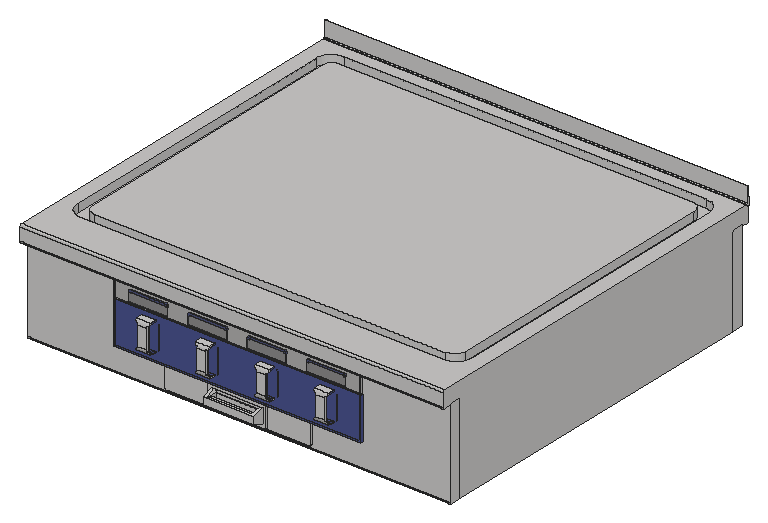
Revit family "QF_ELECTROLUXPROFESSIONAL_589010_MCLDABJOAO", category Specialty Equipment, Revit 2018
Family settings
  Round Connector Dimension = Use Diameter
  Part Type = Normal
  Work Plane-Based = No
  Always vertical = Yes
  Cut with Voids When Loaded = No
  Shared = No
  Room Calculation Point = No
Parameters
  Weight in Pounds = 352.7
  Watts = 16000 VA  # 16000 W
  Volts = 400 V  # constant formula
  URL Cutsheet = ""
  Type Mark [instance] = ""
  Status [instance] = ""
  Specification by User [instance] = ""
  Specification by Manufacturer = ""
  Serial Number = ""
  Seismic Rating = ""
  SMACNA No = ""
  Revision Code [instance] = ""
  Phase = 3  # constant formula
  Omniclass Number and Title = ""
  Number of Poles [instance] = 1
  NAFEM Spec ID Number = ""
  Model = "589010"
  Min Ckt Ampacity = 0 A
  Max Overcurrent Protection = 0 A
  Masterspec = ""
  Manufacturer = "ELECTROLUX"
  Item Number [instance] = ""
  Installed By [instance] = ""
  Identify Quantity as Lot [instance] = yes
  HP = "21.5 HP"
  Furnished By [instance] = ""
  Foodservice Equipment Identifier [instance] = yes
  FL Amps [instance] = if(Phase = 3, Watts / (Volts * 1.73), Watts / Volts)  # 23.1214 A
  Electrical Remarks = "400 V/3N ph/50/60 Hz"  # constant formula
  Electric Connection Type [instance] = ""
  Elec Conn RI Height [instance] = 0 mm
  Elec Conn Connection Height [instance] = 0 mm
  Direct Waste Size = 0"
  Description = "EL.SOLID TOP,4ZNE,ECO,1S,BS,1000X900X250"
  Cycle [instance] = if([60 Hertz Option], 60 Hz, 50 Hz)  # 60 Hz
  Conn Plug = ""
  Conn Conduit = yes
  CSI MasterFormat = ""
  CSI Master Format = ""
  Back Panel [instance] = yes
  Apparent Power [instance] = if(Phase = 3, Volts * FL Amps * 1.73, Volts * FL Amps)  # 16000 VA
  60 Hertz Option [instance] = not([50 Hertz Option])  # yes
  50 Hertz Option [instance] = no
Reference planes
  plane 1 "BACK": y = 0
  plane 2: z = 0
  plane 3 "LEFT": x = 0
  plane 4 "RIGHT": x = 1000
  plane 5 "FRONT": y = -900
  plane 6 "TOP": z = 250
  plane 7: x = 500
  plane 8: y = -450
  plane 9: y = -1330
Forms (mm)
  Extrusion 1, solid, material "QF_Finishes_Stainless Steel"
    sketch origin (0, -487.128, 0) x (0, 1, 0) y (0, 0, 1)
      loop
        line (483.128, 250) -> (-408.872, 250)
        arc (-408.872, 250) -> (-411.7, 248.828) -> (-412.872, 246) r 4
        line (-412.872, 246) -> (-412.872, 214)
        arc (-412.872, 214) -> (-411.443, 210.936) -> (-408.177, 210.061) r 4
        line (-408.177, 210.061) -> (-391.509, 213) -> (-366.872, 213) -> (-366.872, 0) -> (441.128, 0) -> (441.128, 213) -> (465.765, 213) -> (482.433, 210.061)
        arc (482.433, 210.061) -> (485.699, 210.936) -> (487.128, 214) r 4
        line (487.128, 214) -> (487.128, 246)
        arc (487.128, 246) -> (485.956, 248.828) -> (483.128, 250) r 4
    from 0 to 1000
  Extrusion 2, solid, material "QF_Finishes_Stainless Steel", visible <- "Back Panel"
    sketch origin (0, 0, 0) x (0, 1, 0) y (0, 0, 1)
      loop
        line (-46, 0) -> (-20, 0) -> (-20, 215)
        arc (-20, 215) -> (-20.586, 213.586) -> (-22, 213) r 2
        line (-22, 213) -> (-46, 213) -> (-46, 0)
    from 0 to 1000
  Extrusion 3, void
    sketch origin (653.786, 44.048, 250) x (1, 0, 0) y (0, -1, 0)
      loop
        line (274.614, 855.048) -> (-582.186, 855.048)
        arc (-582.186, 855.048) -> (-608.349, 844.211) -> (-619.186, 818.048) r 37
        line (-619.186, 818.048) -> (-619.186, 115.648)
        arc (-619.186, 115.648) -> (-608.349, 89.485) -> (-582.186, 78.648) r 37
        line (-582.186, 78.648) -> (274.614, 78.648)
        arc (274.614, 78.648) -> (300.777, 89.485) -> (311.614, 115.648) r 37
        line (311.614, 115.648) -> (311.614, 818.048)
        arc (311.614, 818.048) -> (300.777, 844.211) -> (274.614, 855.048) r 37
    from 0 to 19.1
  Extrusion 4, solid, material "QF_Finishes_Stainless Steel"
    sketch origin (0, -854, 0) x (1, 0, 0) y (0, -1, 0)
      loop
        circle (955, -169) r 6.35
    from 0 to 3.2
  Extrusion 5, solid, material "QF_Finishes_Stainless Steel"
    sketch origin (653.786, 44.048, 230.9) x (1, 0, 0) y (0, 1, 0)
      loop
        line (260.814, -104.048) -> (-568.386, -104.048)
        arc (-568.386, -104.048) -> (-586.347, -111.488) -> (-593.786, -129.448) r 25.4
        line (-593.786, -129.448) -> (-593.786, -804.248)
        arc (-593.786, -804.248) -> (-586.347, -822.209) -> (-568.386, -829.648) r 25.4
        line (-568.386, -829.648) -> (260.814, -829.648)
        arc (260.814, -829.648) -> (278.774, -822.209) -> (286.214, -804.248) r 25.4
        line (286.214, -804.248) -> (286.214, -129.448)
        arc (286.214, -129.448) -> (278.774, -111.488) -> (260.814, -104.048) r 25.4
    from 0 to 19.1
  Extrusion 6, solid, material "QF_Door-Drawer Clearances", detail levels coarse
    sketch origin (537.31, -881.593, 8.62) x (0, 0, 1) y (-1, 0, 0)
      loop
        line (1.973, -134.295) -> (49.317, -134.295)
        arc (49.317, -134.295) -> (50.776, -133.691) -> (51.38, -132.232) r 2.063
        line (51.38, -132.232) -> (51.38, 206.852)
        arc (51.38, 206.852) -> (50.88, 208.549) -> (49.541, 209.705) r 3.133
        line (49.541, 209.705) -> (3.067, 209.705)
        arc (3.067, 209.705) -> (0.898, 208.807) -> (0, 206.638) r 3.067
        line (0, 206.638) -> (0, -132.322)
        arc (0, -132.322) -> (0.578, -133.717) -> (1.973, -134.295) r 1.973
    from 0 to 448.407
  Extrusion 7, solid, material "QF_Finishes_Stainless Steel"
    sketch origin (0, -950.048, 294.179) x (0, -1, 0) y (0, 0, -1)
      loop
        arc (-948.097, 42.179) -> (-947.511, 43.594) -> (-946.097, 44.179) r 2
        arc (-946.097, 44.179) -> (-948.877, 45.357) -> (-950.048, 48.185) r 4
        line (-950.048, 48.185) -> (-950.048, 6.179) -> (-948.097, 6.179) -> (-948.097, 42.179)
    from 0 to 1000
Cuts and joins
  Extrusion 3 cuts Extrusion 1
Lines and regions (mm)
  symbolic lines
    curve 1: line (0, 0, 0) -> (1000, 0, 0)
    curve 2: line (0, -900, 0) -> (0, 0, 0)
    curve 3: line (1000, -900, 0) -> (0, -900, 0)
    curve 4: line (1000, 0, 0) -> (1000, -900, 0)
    curve 5: line (273.641, -902.326, 0) -> (273.641, -900, 0)
    curve 6: spline (279.31, -903.73, 0) -> (278.831, -903.657, 0) -> (278.353, -903.575, 0) -> (277.876, -903.486, 0) -> (277.4, -903.389, 0) -> (276.925, -903.283, 0) -> (276.452, -903.17, 0) -> (275.98, -903.049, 0) -> (275.509, -902.92, 0) -> (275.039, -902.783, 0) -> (274.572, -902.638, 0) -> (274.105, -902.486, 0) -> (273.641, -902.326, 0)
    curve 7: line (305.857, -902.326, 0) -> (305.857, -900, 0)
    curve 8: spline (305.857, -902.326, 0) -> (305.392, -902.486, 0) -> (304.926, -902.638, 0) -> (304.458, -902.783, 0) -> (303.989, -902.92, 0) -> (303.518, -903.049, 0) -> (303.046, -903.17, 0) -> (302.572, -903.283, 0) -> (302.098, -903.389, 0) -> (301.622, -903.486, 0) -> (301.145, -903.575, 0) -> (300.667, -903.657, 0) -> (300.188, -903.73, 0)
    curve 9: line (279.31, -903.73, 0) -> (300.188, -903.73, 0)
    curve 10: line (413.892, -902.326, 0) -> (413.892, -900, 0)
    curve 11: spline (419.561, -903.73, 0) -> (419.082, -903.657, 0) -> (418.604, -903.575, 0) -> (418.127, -903.486, 0) -> (417.651, -903.389, 0) -> (417.177, -903.283, 0) -> (416.703, -903.17, 0) -> (416.231, -903.049, 0) -> (415.76, -902.92, 0) -> (415.29, -902.783, 0) -> (414.823, -902.638, 0) -> (414.357, -902.486, 0) -> (413.892, -902.326, 0)
    curve 12: line (446.108, -902.326, 0) -> (446.108, -900, 0)
    curve 13: spline (446.108, -902.326, 0) -> (445.643, -902.486, 0) -> (445.177, -902.638, 0) -> (444.71, -902.783, 0) -> (444.24, -902.92, 0) -> (443.769, -903.049, 0) -> (443.297, -903.17, 0) -> (442.823, -903.283, 0) -> (442.349, -903.389, 0) -> (441.873, -903.486, 0) -> (441.396, -903.575, 0) -> (440.918, -903.657, 0) -> (440.439, -903.73, 0)
    curve 14: line (419.561, -903.73, 0) -> (440.439, -903.73, 0)
    curve 15: line (726.359, -902.326, 0) -> (726.359, -900, 0)
    curve 16: spline (720.69, -903.73, 0) -> (721.169, -903.657, 0) -> (721.647, -903.575, 0) -> (722.124, -903.486, 0) -> (722.6, -903.389, 0) -> (723.075, -903.283, 0) -> (723.548, -903.17, 0) -> (724.02, -903.049, 0) -> (724.491, -902.92, 0) -> (724.961, -902.783, 0) -> (725.428, -902.638, 0) -> (725.895, -902.486, 0) -> (726.359, -902.326, 0)
    curve 17: line (694.143, -902.326, 0) -> (694.143, -900, 0)
    curve 18: spline (694.143, -902.326, 0) -> (694.608, -902.486, 0) -> (695.074, -902.638, 0) -> (695.542, -902.783, 0) -> (696.011, -902.92, 0) -> (696.482, -903.049, 0) -> (696.954, -903.17, 0) -> (697.428, -903.283, 0) -> (697.902, -903.389, 0) -> (698.378, -903.486, 0) -> (698.855, -903.575, 0) -> (699.333, -903.657, 0) -> (699.812, -903.73, 0)
    curve 19: line (720.69, -903.73, 0) -> (699.812, -903.73, 0)
    curve 20: line (586.108, -902.326, 0) -> (586.108, -900, 0)
    curve 21: spline (580.439, -903.73, 0) -> (580.918, -903.657, 0) -> (581.396, -903.575, 0) -> (581.873, -903.486, 0) -> (582.349, -903.389, 0) -> (582.823, -903.283, 0) -> (583.297, -903.17, 0) -> (583.769, -903.049, 0) -> (584.24, -902.92, 0) -> (584.71, -902.783, 0) -> (585.177, -902.638, 0) -> (585.643, -902.486, 0) -> (586.108, -902.326, 0)
    curve 22: line (553.892, -902.326, 0) -> (553.892, -900, 0)
    curve 23: spline (553.892, -902.326, 0) -> (554.357, -902.486, 0) -> (554.823, -902.638, 0) -> (555.29, -902.783, 0) -> (555.76, -902.92, 0) -> (556.231, -903.049, 0) -> (556.703, -903.17, 0) -> (557.177, -903.283, 0) -> (557.651, -903.389, 0) -> (558.127, -903.486, 0) -> (558.604, -903.575, 0) -> (559.082, -903.657, 0) -> (559.561, -903.73, 0)
    curve 24: line (580.439, -903.73, 0) -> (559.561, -903.73, 0)
    curve 36: line (914.6, -60, 0) -> (85.4, -60, 0)
    curve 37: arc (85.4, -60, 0) -> (67.439, -67.439, 0) -> (60, -85.4, 0) r 25.4
    curve 38: line (60, -85.4, 0) -> (60, -760.2, 0)
    curve 39: arc (60, -760.2, 0) -> (67.439, -778.161, 0) -> (85.4, -785.6, 0) r 25.4
    curve 40: line (85.4, -785.6, 0) -> (914.6, -785.6, 0)
    curve 41: arc (914.6, -785.6, 0) -> (932.561, -778.161, 0) -> (940, -760.2, 0) r 25.4
    curve 42: line (940, -760.2, 0) -> (940, -85.4, 0)
    curve 43: arc (940, -85.4, 0) -> (932.561, -67.439, 0) -> (914.6, -60, 0) r 25.4
    curve 44: line (0, -1.951, 0) -> (1000, -1.951, 0)
    curve 45: line (446.108, -900, 0) -> (447.685, -908.767, 0)
    curve 46: line (447.685, -908.767, 0) -> (550.042, -908.767, 0)
    curve 47: line (550.042, -908.767, 0) -> (551.62, -900, 0)
  symbolic lines, style "QF_Door-Drawer Clearances"
    curve 25: line (327.605, -1330, 0) -> (327.605, -900, 0)
    curve 26: line (327.605, -1330, 0) -> (671.605, -1330, 0)
    curve 27: line (671.605, -1330, 0) -> (671.605, -900, 0)
  symbolic lines, style "SpecialityEquipment"
    curve 28: line (71.6, -34.6, 0) -> (928.4, -34.6, 0)
    curve 29: arc (928.4, -34.6, 0) -> (954.563, -45.437, 0) -> (965.4, -71.6, 0) r 37
    curve 30: line (965.4, -71.6, 0) -> (965.4, -772.524, 0)
    curve 31: arc (965.4, -772.524, 0) -> (954.131, -799.731, 0) -> (926.924, -811, 0) r 38.476
    curve 32: line (926.924, -811, 0) -> (71.6, -811, 0)
    curve 33: arc (71.6, -811, 0) -> (45.437, -800.163, 0) -> (34.6, -774, 0) r 37
    curve 34: line (34.6, -774, 0) -> (34.6, -71.6, 0)
    curve 35: arc (34.6, -71.6, 0) -> (45.437, -45.437, 0) -> (71.6, -34.6, 0) r 37
Dimensions and locks
  plane 3 "LEFT" to plane 4 "RIGHT" = 1000 mm
  plane 5 "FRONT" to plane 1 "BACK" = 900 mm
  equal spacing: plane 3 "LEFT", plane 7, plane 4 "RIGHT"
  equal spacing: plane 5 "FRONT", plane 8, plane 1 "BACK"
  plane 6 "TOP" to level = 250 mm  (x2)
  plane 1 "BACK" to plane 5 "FRONT" = 900 mm
  Extrusion 4 sketch curve to plane 1 "BACK" = 685 mm
  Extrusion 4 sketch curve to plane 4 "RIGHT" = 45 mm
  plane 5 "FRONT" to plane 9 = 430 mm
  aligned and locked: level to plane 2
  aligned and locked: cut or joined group of Extrusion 1, Extrusion 3 to plane 4 "RIGHT"
  aligned and locked: Extrusion 2 to plane 4 "RIGHT"
  aligned and locked: plane 7 to nested 1
  aligned and locked: Extrusion 7 to plane 4 "RIGHT"
Automatic sketch dimensions
  Extrusion 2 sketch curve to Extrusion 2 sketch curve = 26 mm
  plane 1 "BACK" to Extrusion 2 sketch curve = 22 mm
  Extrusion 2 sketch curve to Extrusion 2 sketch curve = 2 mm
  level to Extrusion 2 sketch curve = 213 mm
  Extrusion 1 sketch curve to plane 5 "FRONT" = 0 mm
  Extrusion 1 sketch curve to plane 6 "TOP" = 0 mm
  Extrusion 1 sketch curve to level = 0 mm
  Extrusion 1 sketch curve to plane 1 "BACK" = 0 mm
  Extrusion 1 sketch curve to plane 6 "TOP" = 37 mm  (x2)
  Extrusion 1 sketch curve to plane 5 "FRONT" = 4 mm
  Extrusion 1 sketch curve to plane 5 "FRONT" = 21.363 mm
  Extrusion 1 sketch curve to plane 5 "FRONT" = 46 mm
  plane 1 "BACK" to Extrusion 1 sketch curve = 21.363 mm
  plane 1 "BACK" to Extrusion 1 sketch curve = 4 mm  (x2)
  Extrusion 1 sketch curve to Extrusion 1 sketch curve = 4 mm
  Extrusion 1 sketch curve to Extrusion 1 sketch curve = 0.695 mm
  Extrusion 1 sketch curve to Extrusion 1 sketch curve = 0 mm  (x4)
  plane 1 "BACK" to Extrusion 1 sketch curve = 4.695 mm
  Extrusion 1 sketch curve to Extrusion 1 sketch curve = 1 mm  (x2)
  plane 1 "BACK" to Extrusion 1 sketch curve = 46 mm
  plane 5 "FRONT" to curve 25 = 0 mm
  plane 5 "FRONT" to curve 27 = 0 mm
  plane 3 "LEFT" to curve 25 = 327.605 mm
  plane 7 to curve 27 = 171.605 mm
  curve 25 to curve 25 = 430 mm
  level to Extrusion 6 sketch curve = 8.62 mm
  level to Extrusion 6 sketch curve = 57.937 mm
  plane 7 to Extrusion 6 sketch curve = 171.605 mm
  Extrusion 6 sketch curve to Extrusion 6 sketch curve = 1.973 mm
  Extrusion 6 sketch curve to Extrusion 6 sketch curve = 3.067 mm
  Extrusion 6 sketch curve to Extrusion 6 sketch curve = 46.474 mm
  Extrusion 6 sketch curve to Extrusion 6 sketch curve = 2.063 mm
  Extrusion 6 sketch curve to Extrusion 6 sketch curve = 3.133 mm
  plane 3 "LEFT" to Extrusion 6 sketch curve = 330.672 mm
  plane 3 "LEFT" to curve 34 = 34.6 mm
  curve 34 to curve 38 = 25.4 mm
  curve 37 to curve 35 = 11.6 mm
  curve 39 to curve 33 = 11.6 mm
  curve 33 to curve 39 = 13.8 mm
  curve 35 to curve 37 = 13.8 mm
  plane 7 to curve 36 = 414.6 mm
  plane 7 to curve 41 = 414.6 mm
  curve 40 to curve 32 = 12.324 mm
  curve 36 to curve 29 = 13.8 mm
  curve 29 to curve 43 = 11.6 mm  (x2)
  curve 33 to plane 5 "FRONT" = 89 mm
  curve 40 to curve 31 = 13.076 mm
  plane 1 "BACK" to curve 43 = 85.4 mm
  curve 38 to curve 34 = 13.8 mm
  Extrusion 1 to Extrusion 3 sketch curve = 34.6 mm  (x2)
  Extrusion 1 to Extrusion 3 sketch curve = 85 mm
  Extrusion 3 sketch curve to Extrusion 3 sketch curve = 37 mm  (x4)
  Extrusion 1 to Extrusion 3 sketch curve = 30.6 mm
  Extrusion 5 sketch curve to Extrusion 3 = 25.4 mm  (x4)
  Extrusion 5 sketch curve to Extrusion 5 sketch curve = 25.4 mm  (x4)
  Extrusion 7 sketch curve to plane 1 "BACK" = 0 mm  (x2)
  Extrusion 7 sketch curve to plane 6 "TOP" = 2 mm
  Extrusion 7 sketch curve to plane 6 "TOP" = 0 mm
  Extrusion 7 sketch curve to Extrusion 7 sketch curve = 1.951 mm
  plane 6 "TOP" to Extrusion 7 sketch curve = 0.006 mm
  Extrusion 7 sketch curve to Extrusion 7 sketch curve = 0.049 mm
  Extrusion 7 sketch curve to Extrusion 7 sketch curve = 36 mm
  Extrusion 7 sketch curve to Extrusion 7 sketch curve = 0 mm
  plane 1 "BACK" to curve 1 = 0 mm
  curve 1 to plane 4 "RIGHT" = 0 mm
  plane 5 "FRONT" to curve 12 = 0 mm
  curve 3 to plane 3 "LEFT" = 0 mm
  plane 5 "FRONT" to curve 20 = 2.326 mm
  plane 5 "FRONT" to curve 15 = 2.326 mm
  plane 7 to curve 15 = 226.359 mm
  plane 5 "FRONT" to curve 19 = 3.73 mm
  curve 15 to curve 19 = 5.669 mm
  curve 16 to curve 19 = 20.878 mm
  plane 5 "FRONT" to curve 17 = 2.326 mm
  curve 18 to curve 17 = 5.669 mm
  plane 7 to curve 20 = 86.108 mm
  plane 5 "FRONT" to curve 24 = 3.73 mm
  curve 20 to curve 24 = 5.669 mm
  curve 21 to curve 24 = 20.878 mm
  plane 5 "FRONT" to curve 22 = 2.326 mm
  curve 24 to curve 22 = 5.669 mm
  curve 45 to plane 7 = 52.315 mm
  curve 45 to curve 12 = 1.578 mm
  curve 12 to curve 14 = 5.669 mm
  plane 5 "FRONT" to curve 14 = 3.73 mm
  curve 14 to curve 14 = 20.878 mm
  plane 5 "FRONT" to curve 10 = 2.326 mm
  curve 11 to curve 10 = 5.669 mm
  plane 5 "FRONT" to curve 7 = 2.326 mm
  curve 10 to curve 7 = 108.035 mm
  plane 5 "FRONT" to curve 9 = 3.73 mm
  curve 7 to curve 9 = 5.669 mm
  curve 8 to curve 9 = 20.878 mm
  plane 5 "FRONT" to curve 5 = 2.326 mm
  curve 6 to curve 5 = 5.669 mm
  curve 15 to curve 16 = 9.839 mm
  plane 5 "FRONT" to curve 18 = 4.032 mm
  curve 18 to curve 19 = 4.17 mm
  plane 5 "FRONT" to curve 21 = 4.032 mm
  curve 21 to curve 21 = 4.17 mm
  plane 5 "FRONT" to curve 23 = 4.032 mm
  curve 23 to curve 23 = 4.17 mm
  curve 22 to curve 47 = 2.272 mm
  curve 23 to curve 46 = 3.85 mm
  plane 5 "FRONT" to curve 47 = 8.767 mm
  curve 12 to curve 13 = 9.839 mm
  curve 13 to curve 11 = 12.538 mm
  curve 7 to curve 8 = 9.839 mm
  curve 8 to curve 6 = 12.538 mm
  curve 12 to curve 12 = 2.326 mm
  plane 1 "BACK" to curve 44 = 1.951 mm
  curve 8 to plane 5 "FRONT" = 39.101 mm
  curve 6 to curve 8 = 0 mm
  curve 11 to plane 5 "FRONT" = 39.101 mm
  curve 11 to curve 13 = 0 mm
  curve 18 to curve 16 = 0 mm
  Extrusion 2 sketch curve to level = 0 mm
  radius of Extrusion 4 sketch curve = 6.35 mm
Nested families
  nested 1: "EST_900_1000 Front Panel fOUR cONTROLS" at (-100, -854, -650), type "EST_900_1000 Front Panel fOUR cONTROLS"
Connectors
  electrical at (955, -685, -3.2), driven by "Volts", driven by "Watts"
    settings: on Extrusion 4, index 1, voltage 400 V, apparent load 16000 VA, apparent load phase1 0 VA, apparent load phase2 0 VA, apparent load phase3 0 VA, power factor 1, load classification "Other", number of poles 1, system type 30, power factor state 1, is connector primary yes, connector utility no, sub classification motor no, connector description "ELECTRICAL CONNECTION"
Definition of nested family "EST_900_1000 Front Panel fOUR cONTROLS"
  Parameters
    Keynote = ""
  Reference planes
    plane 1 "Center (Front/Back)": y = 0
    plane 2: z = 0
    plane 3 "Center (Left/Right)": x = 100
    plane 4: x = 600
    plane 5: x = 389.749
    plane 6: x = 530
    plane 7: x = 670.079
    plane 8: x = 809.948
  Forms (mm)
    Extrusion 1, void
      sketch origin (1213.217, 829.203, -1.25) x (1, 0, 0) y (0, 0, 1)
        loop
          line (-321.217, 853.25) -> (-905.217, 853.25) -> (-905.217, 711.25) -> (-321.217, 711.25) -> (-321.217, 853.25)
      from 843.409 to 854.203
    Extrusion 2, solid
      sketch origin (1133.217, 829.203, -1.25) x (0, 1, 0) y (0, 0, 1)
        loop
          arc (-854.203, 654.25) -> (-853.324, 652.129) -> (-851.203, 651.25) r 3
          line (-851.203, 651.25) -> (-829.203, 651.25) -> (-829.203, 864.25) -> (-854.203, 864.25) -> (-854.203, 654.25)
      from -1033.217 to -33.217
  Dimensions and locks
    aligned and locked: plane 4 to nested 6
  Nested families
    nested 1: "1200 Glass Panel with Four Reads" at (308, -30, 5.811), type "1200 Glass Panel with Four Reads"
    nested 2: "Sml  Range Control Handle" at (389.749, -26.645, -204.867), type "Sml  Range Control Handle"
    nested 3: "Sml  Range Control Handle" at (529.638, -26.645, -204.867), type "Sml  Range Control Handle"
    nested 4: "Sml  Range Control Handle" at (670.079, -26.645, -204.867), type "Sml  Range Control Handle"
    nested 5: "Sml  Range Control Handle" at (810.079, -26.645, -204.867), type "Sml  Range Control Handle"
    nested 6: "grease trap door1" at (667.599, -25, 0.608) x (-1, 0, 0) z (0, 0, 1), type "grease trap door"
  Definition of nested family "1200 Glass Panel with Four Reads"
    Reference planes
      plane 1 "Center (Front/Back)": y = 0
      plane 2: z = 0
      plane 3 "Center (Left/Right)": x = 0
      plane 4: x = 584
      plane 5: x = 581.091
      plane 6 "Top": z = 846.189
      plane 7 "Center": x = 292
    Forms (mm)
      Extrusion 1, solid
        sketch origin (550.286, 304.8, -4.308) x (1, 0, 0) y (0, 0, 1)
          loop
            line (-550.286, 806.791) -> (-550.286, 708.497) -> (33.714, 708.497) -> (33.714, 806.791) -> (-550.286, 806.791)
        from 300.031 to 304.8
      Extrusion 2, solid
        sketch origin (550.286, 304.8, -4.308) x (1, 0, 0) y (0, 0, 1)
          loop
            line (-550.286, 850.497) -> (-550.286, 806.791) -> (33.714, 806.791) -> (33.714, 850.497) -> (-550.286, 850.497)
        from 300.031 to 304.8
      Extrusion 3, void
        sketch origin (550.286, 304.8, -4.308) x (1, 0, 0) y (0, 0, 1)
          loop
            line (-547.628, 847.565) -> (-547.628, 710.699) -> (30.804, 710.699) -> (30.804, 847.565) -> (-547.628, 847.565)
        from 303.697 to 304.8
      Extrusion 4, solid, not visible
        sketch origin (550.286, 305.901, -4.308) x (1, 0, 0) y (0, 0, 1)
          loop
            line (-153.041, 812.62) -> (-153.041, 834.177) -> (-157.775, 834.177) -> (-159.574, 835.977) -> (-238.324, 835.977) -> (-240.124, 834.177) -> (-245.041, 834.177) -> (-245.041, 812.62) -> (-153.041, 812.62)
        from 304.798 to 306.745
      Extrusion 5, solid, not visible
        sketch origin (550.286, 305.901, -4.308) x (1, 0, 0) y (0, 0, 1)
          loop
            line (-240.027, 834.177) -> (-238.227, 835.977) -> (-159.594, 835.977) -> (-157.794, 834.177) -> (-153.083, 834.177)
            arc (-153.083, 834.177) -> (-154.26, 838.752) -> (-158.535, 840.763) r 5.549
            line (-158.535, 840.763) -> (-239.444, 840.763)
            arc (-239.444, 840.763) -> (-243.699, 838.747) -> (-244.835, 834.177) r 5.5
            line (-244.835, 834.177) -> (-240.027, 834.177)
        from 304.798 to 306.745
      Extrusion 6, solid
        sketch origin (700.989, 305.901, -4.308) x (1, 0, 0) y (0, 0, 1)
          loop
            line (-153.041, 812.62) -> (-153.041, 834.177) -> (-157.775, 834.177) -> (-159.574, 835.977) -> (-238.324, 835.977) -> (-240.124, 834.177) -> (-245.041, 834.177) -> (-245.041, 812.62) -> (-153.041, 812.62)
        from 304.798 to 306.745
      Extrusion 7, solid
        sketch origin (700.989, 305.901, -4.308) x (1, 0, 0) y (0, 0, 1)
          loop
            line (-240.027, 834.177) -> (-238.227, 835.977) -> (-159.594, 835.977) -> (-157.794, 834.177) -> (-153.083, 834.177)
            arc (-153.083, 834.177) -> (-154.26, 838.752) -> (-158.535, 840.763) r 5.549
            line (-158.535, 840.763) -> (-239.444, 840.763)
            arc (-239.444, 840.763) -> (-243.699, 838.747) -> (-244.835, 834.177) r 5.5
            line (-244.835, 834.177) -> (-240.027, 834.177)
        from 304.798 to 306.745
      Extrusion 8, solid
        sketch origin (560.989, 305.901, -4.308) x (1, 0, 0) y (0, 0, 1)
          loop
            line (-153.041, 812.62) -> (-153.041, 834.177) -> (-157.775, 834.177) -> (-159.574, 835.977) -> (-238.324, 835.977) -> (-240.124, 834.177) -> (-245.041, 834.177) -> (-245.041, 812.62) -> (-153.041, 812.62)
        from 304.798 to 306.745
      Extrusion 9, solid
        sketch origin (560.989, 305.901, -4.308) x (1, 0, 0) y (0, 0, 1)
          loop
            line (-240.027, 834.177) -> (-238.227, 835.977) -> (-159.594, 835.977) -> (-157.794, 834.177) -> (-153.083, 834.177)
            arc (-153.083, 834.177) -> (-154.26, 838.752) -> (-158.535, 840.763) r 5.549
            line (-158.535, 840.763) -> (-239.444, 840.763)
            arc (-239.444, 840.763) -> (-243.699, 838.747) -> (-244.835, 834.177) r 5.5
            line (-244.835, 834.177) -> (-240.027, 834.177)
        from 304.798 to 306.745
      Extrusion 10, solid
        sketch origin (700.989, 305.901, -4.308) x (1, 0, 0) y (0, 0, 1)
          loop
            line (-665.188, 812.62) -> (-573.188, 812.62) -> (-573.188, 834.177) -> (-578.105, 834.177) -> (-579.905, 835.977) -> (-658.655, 835.977) -> (-660.455, 834.177) -> (-665.188, 834.177) -> (-665.188, 812.62)
        from 304.798 to 306.745
      Extrusion 11, solid
        sketch origin (700.989, 305.901, -4.308) x (1, 0, 0) y (0, 0, 1)
          loop
            line (-578.203, 834.177) -> (-573.394, 834.177)
            arc (-573.394, 834.177) -> (-574.53, 838.747) -> (-578.786, 840.763) r 5.5
            line (-578.786, 840.763) -> (-659.695, 840.763)
            arc (-659.695, 840.763) -> (-663.97, 838.752) -> (-665.146, 834.177) r 5.549
            line (-665.146, 834.177) -> (-660.435, 834.177) -> (-658.636, 835.977) -> (-580.003, 835.977) -> (-578.203, 834.177)
        from 304.798 to 306.745
      Extrusion 12, solid
        sketch origin (560.989, 305.901, -4.308) x (1, 0, 0) y (0, 0, 1)
          loop
            line (-385.188, 812.62) -> (-293.188, 812.62) -> (-293.188, 834.177) -> (-298.105, 834.177) -> (-299.905, 835.977) -> (-378.655, 835.977) -> (-380.455, 834.177) -> (-385.188, 834.177) -> (-385.188, 812.62)
        from 304.798 to 306.745
      Extrusion 13, solid
        sketch origin (560.989, 305.901, -4.308) x (1, 0, 0) y (0, 0, 1)
          loop
            line (-298.203, 834.177) -> (-293.394, 834.177)
            arc (-293.394, 834.177) -> (-294.53, 838.747) -> (-298.786, 840.763) r 5.5
            line (-298.786, 840.763) -> (-379.695, 840.763)
            arc (-379.695, 840.763) -> (-383.97, 838.752) -> (-385.146, 834.177) r 5.549
            line (-385.146, 834.177) -> (-380.435, 834.177) -> (-378.636, 835.977) -> (-300.003, 835.977) -> (-298.203, 834.177)
        from 304.798 to 306.745
    Cuts and joins
      Extrusion 3 cuts Extrusion 1
      Extrusion 3 cuts Extrusion 2
    Lines and regions (mm)
      symbolic lines
        curve 1: line (0, 4.769, 0) -> (584, 4.769, 0)
    Dimensions and locks
      aligned and locked: Extrusion 1 to Extrusion 2
      aligned and locked: Extrusion 6 to Extrusion 7
      aligned and locked: Extrusion 8 to Extrusion 9
      aligned and locked: Extrusion 10 to Extrusion 11
      aligned and locked: Extrusion 12 to Extrusion 13
  Definition of nested family "Sml  Range Control Handle"
    Reference planes
      plane 1 "Center (Front/Back)": y = 0
      plane 2: z = 0
      plane 3 "Center (Left/Right)": x = 0
      plane 4: z = 971.092
    Forms (mm)
      Extrusion 1, solid
        sketch origin (-746.28, 380.497, 208.931) x (-1, 0, 0) y (0, 0, 1)
          loop
            line (-770.101, 786.798) -> (-770.101, 731.649)
            arc (-770.101, 731.649) -> (-769.759, 730.563) -> (-768.855, 729.87) r 1.893
            line (-768.855, 729.87) -> (-763.474, 727.911) -> (-729.81, 727.911) -> (-724.428, 729.87)
            arc (-724.428, 729.87) -> (-723.525, 730.563) -> (-723.183, 731.649) r 1.893
            line (-723.183, 731.649) -> (-723.183, 786.798)
            arc (-723.183, 786.798) -> (-723.529, 787.894) -> (-724.44, 788.593) r 1.91
            line (-724.44, 788.593) -> (-729.683, 790.819) -> (-763.601, 790.819) -> (-768.844, 788.593)
            arc (-768.844, 788.593) -> (-769.755, 787.894) -> (-770.101, 786.798) r 1.91
        from -382.35 to -378.852
      Sweep 2, solid
        path origin (-746.788, 380.496, 208.091) x (0, -1, 0) y (0, 0, 1)
          loop
            line (379.775, 793.281) -> (395.661, 791.048)
            arc (395.661, 791.048) -> (397.781, 787.377) -> (398.517, 783.202) r 12.207
            line (398.517, 783.202) -> (398.517, 737.368)
            arc (398.517, 737.368) -> (397.781, 733.193) -> (395.661, 729.522) r 12.207
            line (395.661, 729.522) -> (379.775, 727.289)
        profile origin (-746.788, -7.222, 1000.256) x (0, -0.139173, 0.990268) y (-1, 0, 0)
          loop
            line (0.782, -763.123) -> (0.782, -730.907) -> (-1.322, -730.907) -> (-1.322, -763.123) -> (0.782, -763.123)
      Sweep 3, solid
        path origin (-746.788, 380.715, 207.832) x (0, -1, 0) y (0, 0, 1)
          loop
            line (380.478, 795.442) -> (397.218, 793.09)
            arc (397.218, 793.09) -> (399.929, 788.473) -> (400.871, 783.202) r 15.207
            line (400.871, 783.202) -> (400.871, 737.584)
            arc (400.871, 737.584) -> (399.914, 732.274) -> (397.164, 727.633) r 15.207
            line (397.164, 727.633) -> (380.601, 725.305)
        profile origin (-746.788, -8.132, 1002.099) x (0, -0.139173, 0.990268) y (-1, 0, 0)
          loop
            line (0.782, -763.123) -> (0.782, -730.907) -> (-1.322, -730.907) -> (-1.322, -763.123) -> (0.782, -763.123)
      Extrusion 4, void
        sketch origin (889.253, 220.666, 207.993) x (1, 0, 0) y (0, 0, 1)
          loop
            line (-943.038, 816.854) -> (-943.038, 703.686) -> (-899.466, 734.196) -> (-899.466, 786.344) -> (-943.038, 816.854)
        from 230.636 to 242.25
      Extrusion 5, void
        sketch origin (-888.8, 220.666, 207.993) x (-1, 0, 0) y (0, 0, -1)
          loop
            line (-943.038, -816.854) -> (-899.466, -786.344) -> (-899.466, -734.196) -> (-943.038, -703.686) -> (-943.038, -816.854)
        from 230.636 to 242.25
      Extrusion 6, solid
        sketch origin (0, 0, 0) x (1, 0, 0) y (0, 0, 1)
          loop
            circle (0, 971.092) r 7.736
        from -3.137 to -1.645
    Cuts and joins
      Extrusion 4, Extrusion 5 cuts Sweep 3
      Extrusion 4, Extrusion 5 cuts Sweep 2
      joined: Extrusion 1, Extrusion 6
    Lines and regions (mm)
      symbolic lines
        curve 1: line (23.821, 1.645, 0) -> (-23.097, 1.645, 0)
        curve 2: line (16.334, -1.853, 0) -> (23.821, -1.853, 0)
        curve 3: line (-15.881, -19.189, 0) -> (-15.881, -1.853, 0)
        curve 4: line (-23.097, -1.853, 0) -> (-15.881, -1.853, 0)
        curve 5: line (16.334, -19.189, 0) -> (16.334, -1.853, 0)
        curve 6: spline (-15.881, -19.189, 0) -> (-15.417, -19.349, 0) -> (-14.951, -19.501, 0) -> (-14.483, -19.646, 0) -> (-14.014, -19.783, 0) -> (-13.543, -19.912, 0) -> (-13.071, -20.033, 0) -> (-12.597, -20.146, 0) -> (-12.122, -20.251, 0) -> (-11.646, -20.349, 0) -> (-11.169, -20.438, 0) -> (-10.691, -20.52, 0) -> (-10.213, -20.593, 0)
        curve 7: spline (10.666, -20.593, 0) -> (11.144, -20.52, 0) -> (11.622, -20.438, 0) -> (12.099, -20.349, 0) -> (12.575, -20.251, 0) -> (13.05, -20.146, 0) -> (13.524, -20.033, 0) -> (13.996, -19.912, 0) -> (14.467, -19.783, 0) -> (14.936, -19.646, 0) -> (15.404, -19.501, 0) -> (15.87, -19.349, 0) -> (16.334, -19.189, 0)
        curve 8: line (-10.213, -20.938, 0) -> (10.716, -20.938, 0)
        curve 9: line (-23.097, 1.645, 0) -> (-23.097, -1.853, 0)
        curve 10: line (23.821, 1.645, 0) -> (23.821, -1.853, 0)
    Dimensions and locks
      cut or joined group of Sweep 3, Extrusion 4, Extrusion 5 to cut or joined group of Sweep 3, Extrusion 4, Extrusion 5 = 71.686 mm
  Definition of nested family "grease trap door1"
    Reference planes
      plane 1 "Center (Front/Back)": y = 0
      plane 2: z = 0
      plane 3 "Center (Left/Right)": x = 0
    Forms (mm)
      Extrusion 1, solid
        sketch origin (1627.55, 854.203, -1.25) x (1, 0, 0) y (0, 0, 1)
          loop
            arc (-1627.55, 661.235) -> (-1626.972, 659.84) -> (-1625.577, 659.262) r 1.973
            line (-1625.577, 659.262) -> (-1494.325, 659.262)
            arc (-1494.325, 659.262) -> (-1492.156, 660.16) -> (-1491.258, 662.329) r 3.067
            line (-1491.258, 662.329) -> (-1491.258, 708.803)
            arc (-1491.258, 708.803) -> (-1492.414, 710.143) -> (-1494.111, 710.642) r 3.133
            line (-1494.111, 710.642) -> (-1625.486, 710.642)
            arc (-1625.486, 710.642) -> (-1626.945, 710.038) -> (-1627.55, 708.579) r 2.063
            line (-1627.55, 708.579) -> (-1627.55, 661.235)
        from 856.795 to 859.203
      Extrusion 2, solid
        sketch origin (445.874, 2476.61, 0) x (0, 1, 0) y (0, 0, 1)
          loop
            line (-2506.377, 675.273) -> (-2481.61, 667.505) -> (-2481.61, 700.995) -> (-2506.377, 693.227) -> (-2506.377, 675.273)
        from -437.68 to -317.68
      Extrusion 3, void
        sketch origin (1627.55, 854.203, -1.25) x (1, 0, 0) y (0, 0, 1)
          loop
            line (-1614.883, 703) -> (-1610.542, 695.433) -> (-1508.17, 695.433) -> (-1503.828, 703) -> (-1614.883, 703)
          loop
            line (-1614.883, 668) -> (-1502.669, 668) -> (-1507.01, 675.567) -> (-1610.542, 675.567) -> (-1614.883, 668)
        from 832.916 to 883.97
      Extrusion 4, void
        sketch origin (447.55, 854.203, -1.25) x (1, 0, 0) y (0, 0, 1)
          loop
            line (-430.542, 695.433) -> (-430.542, 675.567) -> (-328.17, 675.567) -> (-328.17, 695.433) -> (-430.542, 695.433)
        from 859.203 to 874.202
      Extrusion 5, solid
        sketch origin (1627.55, 854.203, -1.25) x (1, 0, 0) y (0, 0, 1)
          loop
            arc (-1731.556, 661.235) -> (-1730.978, 659.84) -> (-1729.583, 659.262) r 1.973
            line (-1729.583, 659.262) -> (-1390.623, 659.262)
            arc (-1390.623, 659.262) -> (-1388.454, 660.16) -> (-1387.556, 662.329) r 3.067
            line (-1387.556, 662.329) -> (-1387.556, 708.803)
            arc (-1387.556, 708.803) -> (-1388.712, 710.143) -> (-1390.409, 710.642) r 3.133
            line (-1390.409, 710.642) -> (-1729.493, 710.642)
            arc (-1729.493, 710.642) -> (-1730.952, 710.038) -> (-1731.556, 708.579) r 2.063
            line (-1731.556, 708.579) -> (-1731.556, 661.235)
        from 854.203 to 856.795
    Cuts and joins
      Extrusion 3 cuts Extrusion 1
      Extrusion 3, Extrusion 4 cuts Extrusion 2
      joined: Extrusion 1, Extrusion 2
    Lines and regions (mm)
      symbolic lines
        curve 1: line (0, -2.593, 0) -> (136.292, -2.593, 0)
        curve 2: line (17.557, -29.767, 0) -> (12.667, -2.593, 0)
        curve 3: line (17.557, -29.767, 0) -> (119.991, -29.767, 0)
        curve 4: line (119.991, -29.767, 0) -> (124.881, -2.593, 0)
        curve 5: line (68.146, -2.593, 0) -> (68.146, -29.767, 0)
      model lines
        curve 6: line (67.599, 0, 658.012) -> (67.599, 0, 709.392)
    Dimensions and locks
      aligned and locked: Extrusion 2 to Extrusion 1
      aligned and locked: Extrusion 3 to Extrusion 2
      aligned and locked: Extrusion 4 to Extrusion 1
